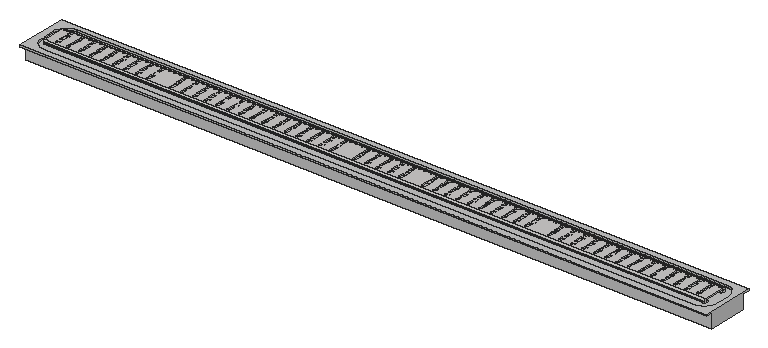
Revit family "Drain-Linear_Wave_Noble_FreeStyle", category Plumbing Fixtures, host Face, Revit 2014
Parameters (values of type "60in PVC")
  Weight = "10 lbs"
  URL = "www.noblecompany.com"
  Type Comments = ""
  Product Properties = "http://www.noblecompany.com/Portals/0/PRODUCT%20INFO/Product%20Descriptions/FreeStyle%20Linear%20Drain%20Product%20Decription%200410.pdf"
  Product Data = "http://www.noblecompany.com/Products/ShowerProducts/tabid/59/Default.aspx"
  Plate = Stainless Steel - Brushed
  Model = "Freestyle 60 PVC - Wave"
  Manufacturer Phone - Toll Free = "800-878-5788"
  Manufacturer Phone = "231-799-8000"
  Manufacturer Fax = "231-799-8850"
  Manufacturer Email = "mailto:sales@noblecompany.com"
  Manufacturer Address = "7300 Enterprise Drive, Spring Lake, MI  49456 USA"
  Manufacturer = "Noble Company"
  Installation-Fabrication = "http://www.noblecompany.com/Portals/0/PRODUCT%20INFO/Product%20Descriptions/FreeStyle%20Linear%20Drain%20Product%20Decription%200410.pdf"
  GPM = 0 GPM
  Description = "Freestyle 60 PVC - Wave Linear Drain"
  Building Codes = "http://www.noblecompany.com/Portals/0/TECHNICAL%20INFO/Listing_Testing_Certification_Reports/PMG-1065%20Noble%20Company%20Linear%20Drain%20final%202.pdf"
  Base = PVC
  B = 57 3/4"
  Assembly Code = "D2030300"
  A = 60"
  Default Elevation = 0"
  D = 1 5/8"
  C = 33 3/4"
Types (14): name | Model | Description | Base | B | A | D | C
  24in ABS | "Freestyle 24 ABS - Wave" | "Freestyle 24 ABS - Wave Linear Drain" | ABS | 21 3/4" | 24" | 1 1/4" | 15 3/4"
  32in ABS | "Freestyle 32 ABS - Wave" | "Freestyle 32 ABS - Wave Linear Drain" | ABS | 29 3/4" | 32" | 1 3/8" | 19 1/2"
  36in ABS | "Freestyle 36 ABS - Wave" | "Freestyle 36 ABS - Wave Linear Drain" | ABS | 33 3/4" | 36" | 1 3/8" | 21 3/4"
  40in ABS | "Freestyle 40 ABS - Wave" | "Freestyle 40 ABS - Wave Linear Drain" | ABS | 37 3/4" | 40" | 1 7/16" | 23 3/4"
  48in ABS | "Freestyle 48 ABS - Wave" | "Freestyle 48 ABS - Wave Linear Drain" | ABS | 45 3/4" | 48" | 1 1/2" | 27 3/4"
  54in ABS | "Freestyle 54 ABS - Wave" | "Freestyle 54 ABS - Wave Linear Drain" | ABS | 51 3/4" | 54" | 1 9/16" | 30 3/4"
  60in ABS | "Freestyle 60 ABS - Wave" | "Freestyle 60 ABS - Wave Linear Drain" | ABS | 57 3/4" | 60" | 1 5/8" | 33 3/4"
  24in PVC | "Freestyle 24 PVC - Wave" | "Freestyle 24 PVC - Wave Linear Drain" | PVC | 21 3/4" | 24" | 1 1/4" | 15 3/4"
  32in PVC | "Freestyle 32 PVC - Wave" | "Freestyle 32 PVC - Wave Linear Drain" | PVC | 29 3/4" | 32" | 1 3/8" | 19 1/2"
  36in PVC | "Freestyle 36 PVC - Wave" | "Freestyle 36 PVC - Wave Linear Drain" | PVC | 33 3/4" | 36" | 1 3/8" | 21 3/4"
  40in PVC | "Freestyle 40 PVC - Wave" | "Freestyle 40 PVC - Wave Linear Drain" | PVC | 37 3/4" | 40" | 1 7/16" | 23 3/4"
  48in PVC | "Freestyle 48 PVC - Wave" | "Freestyle 48 PVC - Wave Linear Drain" | PVC | 45 3/4" | 48" | 1 1/2" | 27 3/4"
  54in PVC | "Freestyle 54 PVC - Wave" | "Freestyle 54 PVC - Wave Linear Drain" | PVC | 51 3/4" | 54" | 1 9/16" | 30 3/4"
  60in PVC | "Freestyle 60 PVC - Wave" | "Freestyle 60 PVC - Wave Linear Drain" | PVC | 57 3/4" | 60" | 1 5/8" | 33 3/4"
Reference planes (in)
  plane 1 "Center (Front/Back)": y = 0
  plane 2: z = 0
  plane 3 "Center (Left/Right)": x = 0
  plane 4: z = -1.625
  plane 5: z = -4.05899
  plane 6: z = -1.625
  plane 7: y = 1.6875
  plane 8: y = -1.6875
  plane 9: z = -0.375
  plane 10: y = 2.25
  plane 11: y = -2.25
  plane 12: z = -0.3125
  plane 13: x = 30
  plane 14: x = -30
  plane 15: x = 28.875
  plane 16: x = -3.75
  plane 17: x = -28.875
  plane 18: z = -0.125
Forms (in)
  Extrusion 1, void, detail levels medium+fine
    sketch origin (0, 0, 0) x (1, 0, 0) y (0, 1, 0)
      loop
        circle (-3.75, 0) r 1
    from -60 to 34.55449
  Extrusion 2, solid, material "PVC" <- "Base", detail levels medium+fine
    sketch origin (10.05986, 0, 0) x (0, 1, 0) y (0, 0, 1)
      loop
        line (2.25, -0.375) -> (2.25, -0.25) -> (-2.25, -0.25) -> (-2.25, -0.375) -> (-1.6875, -0.375) -> (-1.6875, -1.625) -> (1.6875, -1.625) -> (1.6875, -0.375) -> (2.25, -0.375)
    from -40.05986 to 19.94014
  Extrusion 3, void
    sketch origin (10.05986, 0, 0) x (1, 0, 0) y (0, 1, 0)
      loop
        arc (-38.37906, 1.769) -> (-39.18512, 1.43512) -> (-39.519, 0.62906) r 1.13994
        line (-39.519, 0.62906) -> (-39.519, -0.63005)
        arc (-39.519, -0.63005) -> (-39.18541, -1.43541) -> (-38.38005, -1.769) r 1.13895
        line (-38.38005, -1.769) -> (18.37931, -1.769)
        arc (18.37931, -1.769) -> (19.18519, -1.43519) -> (19.519, -0.62931) r 1.13969
        line (19.519, -0.62931) -> (19.519, 0.62118)
        arc (19.519, 0.62118) -> (19.18281, 1.43281) -> (18.37118, 1.769) r 1.14782
        line (18.37118, 1.769) -> (-38.37906, 1.769)
    from -0.375 to 0
  Extrusion 4, void
    sketch origin (0, 0, 0) x (1, 0, 0) y (0, 1, 0)
      loop
        line (29, 1.269) -> (-29, 1.269) -> (-29, -1.269) -> (29, -1.269) -> (29, 1.269)
    from -0.125 to 0
  Extrusion 5, void, detail levels fine
    sketch origin (0, 0, 0) x (0, 1, 0) y (0, 0, 1)
      loop
        line (2.25, -0.375) -> (2.25, -0.125) -> (-2.25, -0.125) -> (-2.25, -0.375) -> (-1.6875, -0.375) -> (-1.6875, -1.625) -> (1.6875, -1.625) -> (1.6875, -0.375) -> (2.25, -0.375)
    from -30 to 30
Cuts and joins
  Extrusion 1, Extrusion 3 cuts Extrusion 2
Lines and regions (in)
  model lines, detail levels coarse+medium
    curve 1: line (-3.75, 0, 0) -> (-3.75, 0, -1.625)
  model lines, style "PlumbingFixtures", detail levels coarse
    curve 2: line (-30, 2.25, 0) -> (-30, -2.25, 0)
    curve 3: line (-30, 2.25, 0) -> (30, 2.25, 0)
    curve 4: line (30, 2.25, 0) -> (30, -2.25, 0)
    curve 5: line (-30, -2.25, 0) -> (30, -2.25, 0)
    curve 6: line (30, 0, 0) -> (-30, 0, 0)
Dimensions and locks (in)
  "D": plane 2 to plane 4
  locked: plane 4 to plane 5 at 2.43399
  "D": plane 6 to level
  equal spacing: plane 7, plane 1 "Center (Front/Back)", plane 8, locked at 1.6875 each
  locked: plane 9 to level at 0.375
  plane 7 to plane 8 = 3 3/8"
  locked: plane 10 to plane 7 at 0.5625
  locked: plane 8 to plane 11 at 0.5625
  "A": plane 14 to plane 13
  locked: plane 15 to plane 13 at 1.125
  "C": plane 16 to plane 13
  locked: plane 14 to plane 17 at 1.125
  locked: Extrusion 3 sketch curve to plane 13 at 0.42114
  locked: plane 14 to Extrusion 3 sketch curve at 0.54086
  equal spacing: plane 14, plane 3 "Center (Left/Right)", plane 13
  locked: plane 9 to plane 12 at 0.0625
  locked: level to plane 18 at 0.125
  level to Extrusion 2 sketch curve = 1/4"
  locked: plane 15 to Extrusion 4 sketch curve at 0.125
  locked: Extrusion 4 sketch curve to plane 17 at 0.125
  radius of Extrusion 1 sketch curve = 1"
  aligned and locked: plane 2 to host face
  aligned and locked: level to host face
  aligned and locked: plane 1 "Center (Front/Back)" to Extrusion 1 sketch curve
  aligned and locked: plane 13 to Extrusion 2
  aligned and locked: plane 16 to Extrusion 1 sketch curve
  aligned and locked: plane 10 to Extrusion 5 sketch curve
  aligned and locked: plane 9 to Extrusion 5 sketch curve
  aligned and locked: plane 7 to Extrusion 5 sketch curve
  aligned and locked: plane 4 to Extrusion 5 sketch curve
  aligned and locked: plane 11 to Extrusion 5 sketch curve
  aligned and locked: Extrusion 5 sketch curve to plane 8
  aligned and locked: Extrusion 5 to plane 14
  aligned and locked: plane 13 to Extrusion 5
  aligned and locked: curve 6 to plane 1 "Center (Front/Back)"
  aligned and locked: plane 14 to curve 6
  aligned and locked: plane 13 to curve 6
  aligned and locked: curve 1 to plane 16
  aligned and locked: level to curve 1
  aligned and locked: plane 6 to curve 1
  aligned and locked: Extrusion 2 to plane 14
  aligned and locked: plane 3 "Center (Left/Right)" to nested 1
  aligned and locked: plane 1 "Center (Front/Back)" to nested 1
  aligned and locked: plane 12 to nested 1
  aligned and locked: plane 9 to Extrusion 3
  aligned and locked: Extrusion 4 to plane 18
  aligned and locked: level to Extrusion 4
Automatic sketch dimensions
  host sketch curve to host sketch curve = 48 1/4"
  host sketch curve to host sketch curve = 96"
  plane 9 to Extrusion 2 sketch curve = 0"  (x2)
  Extrusion 2 sketch curve to plane 11 = 0"
  Extrusion 2 sketch curve to plane 4 = 0"
  Extrusion 2 sketch curve to plane 8 = 0"
  Extrusion 2 sketch curve to plane 7 = 0"
  Extrusion 2 sketch curve to plane 10 = 0"
  Extrusion 3 sketch curve to plane 8 = 0.0815"
  plane 17 to Extrusion 3 sketch curve = 0.55481"
  Extrusion 3 sketch curve to plane 7 = 0.0815"
  plane 17 to Extrusion 3 sketch curve = 0.5558"
  Extrusion 3 sketch curve to plane 15 = 0.44396"
  Extrusion 3 sketch curve to plane 15 = 0.43583"
  curve 2 to plane 10 = 0"
  curve 5 to plane 11 = 0"
  plane 9 to Extrusion 5 sketch curve = 0"
  Extrusion 5 sketch curve to plane 18 = 0"
  plane 8 to Extrusion 4 sketch curve = 0.4185"
  plane 7 to Extrusion 4 sketch curve = 0.4185"
Nested families (in)
  nested 1: "Strainer_Wave" at (-12.24848, 0, -0.3125), type "24"", detail levels fine
    with Strainer Length 57 3/4"
Connectors (in)
  piping at (-3.75, 0, -1.625), diameter 2, driven by "GPM"
    settings: on cut or joined group of Extrusion 1, Extrusion 2, Extrusion 3, index 1, connector inside diameter 2", connector length 0", flow factor 0, pipe flow 0 GPM, pressure drop 0.00 psi, fitting loss kfactor 0, connector angle 0.00°, fixture units 0, engagement length 0", angle of deflection 0.00°, flow configuration 0, flow direction 2, fitting loss method 0, system type 16, joint type 0, gender type 0, connector reference index -1, connector utility 0, adjustable connector no, is connector primary yes, connector description ""
Definition of nested family "Strainer_Wave"
  Parameters (values of type "24"")
    Strainer Width = 2 1/4"
    Strainer Height = 5/16"
    Strainer Length = 45 3/4"
    Strainer Finish = Stainless Steel - Brushed
  Reference planes (in)
    plane 1 "Center (Front/Back)": y = 0
    plane 2: z = 0
    plane 3 "Center (Left/Right)": x = 12.24848
    plane 4 "Left": x = -10.62652
    plane 5 "Right": x = 35.12348
    plane 6: y = 1.125
    plane 7: y = -1.125
    plane 8: x = 42.24848
    plane 9: x = -17.75152
    plane 10: z = 0.3125
  Forms (in)
    Extrusion 1, void
      sketch origin (12.24848, 0, 0) x (0, 1, 0) y (0, 0, 1)
        loop
          line (1.1245, 0.3125) -> (0.9995, 0.3125)
          arc (0.9995, 0.3125) -> (1.08789, 0.27589) -> (1.1245, 0.1875) r 0.125
          line (1.1245, 0.1875) -> (1.1245, 0.3125)
        loop
          line (-1.1245, 0.3125) -> (-1.1245, 0.1875)
          arc (-1.1245, 0.1875) -> (-1.08789, 0.27589) -> (-0.9995, 0.3125) r 0.125
          line (-0.9995, 0.3125) -> (-1.1245, 0.3125)
        loop
          line (1.1245, 0) -> (1.1245, 0.125)
          arc (1.1245, 0.125) -> (1.08789, 0.03661) -> (0.9995, 0) r 0.125
          line (0.9995, 0) -> (1.1245, 0)
        loop
          line (-1.1245, 0) -> (-0.9995, 0)
          arc (-0.9995, 0) -> (-1.08789, 0.03661) -> (-1.1245, 0.125) r 0.125
          line (-1.1245, 0.125) -> (-1.1245, 0)
        loop
          line (-0.75, 0) -> (0.75, 0) -> (0.75, 0.0625) -> (0.9995, 0.0625)
          arc (0.9995, 0.0625) -> (1.06302, 0.15625) -> (0.9995, 0.25) r 0.10095
          line (0.9995, 0.25) -> (-0.9995, 0.25)
          arc (-0.9995, 0.25) -> (-1.06302, 0.15625) -> (-0.9995, 0.0625) r 0.10095
          line (-0.9995, 0.0625) -> (-0.75, 0.0625) -> (-0.75, 0)
      from -30 to 30
    Extrusion 2, void
      sketch origin (0, 0, 0) x (1, 0, 0) y (0, 1, 0)
        loop
          line (-17.75152, 1.25) -> (-17.75152, -1.25) -> (-10.62652, -1.25) -> (-10.62652, 1.25) -> (-17.75152, 1.25)
        loop
          line (35.12348, 1.25) -> (35.12348, -1.25) -> (42.24848, -1.25) -> (42.24848, 1.25) -> (35.12348, 1.25)
      from 0 to 0.3125
    Extrusion 3, solid, material "Stainless Steel - Brushed" <- "Strainer Finish", detail levels medium+fine
      sketch origin (0, 0, 0) x (1, 0, 0) y (0, 1, 0)
        loop
          line (-16.62652, 1.1245) -> (-16.62652, -1.1245) -> (41.12348, -1.1245) -> (41.12348, 1.1245) -> (-16.62652, 1.1245)
        loop
          line (-13.61152, -0.13547) -> (-13.61152, 0.2565) -> (-13.89152, 0.30808) -> (-13.89152, -0.18704) -> (-13.61152, -0.13547)
        loop
          line (-14.61152, -0.28503) -> (-14.61152, 0.40552) -> (-14.89152, 0.4255) -> (-14.89152, -0.30501) -> (-14.61152, -0.28503)
        loop
          line (-15.61152, -0.30506) -> (-15.61152, 0.42609) -> (-15.89152, 0.40611) -> (-15.89152, -0.28508) -> (-15.61152, -0.30506)
        loop
          line (-11.61152, 0.13847) -> (-11.89704, 0.06052) -> (-11.61152, -0.01744) -> (-11.61152, 0.13847)
        loop
          line (-12.89152, 0.13847) -> (-12.89152, -0.01744) -> (-12.606, 0.06052) -> (-12.89152, 0.13847)
        loop
          line (-15.89152, 0.65709) -> (-15.61152, 0.67707) -> (-15.61152, 0.81052)
          arc (-15.61152, 0.81052) -> (-15.75152, 0.95052) -> (-15.89152, 0.81052) r 0.14
          line (-15.89152, 0.81052) -> (-15.89152, 0.65709)
        loop
          line (-14.89152, 0.67639) -> (-14.61152, 0.65641) -> (-14.61152, 0.81052)
          arc (-14.61152, 0.81052) -> (-14.75152, 0.95052) -> (-14.89152, 0.81052) r 0.14
          line (-14.89152, 0.81052) -> (-14.89152, 0.67639)
        loop
          line (-13.89152, 0.5617) -> (-13.61152, 0.51012) -> (-13.61152, 0.81052)
          arc (-13.61152, 0.81052) -> (-13.75152, 0.95052) -> (-13.89152, 0.81052) r 0.14
          line (-13.89152, 0.81052) -> (-13.89152, 0.5617)
        loop
          arc (-12.61152, 0.81052) -> (-12.75152, 0.95052) -> (-12.89152, 0.81052) r 0.14
          line (-12.89152, 0.81052) -> (-12.89152, 0.36578) -> (-12.61152, 0.28933) -> (-12.61152, 0.81052)
        loop
          line (-15.89152, -0.53606) -> (-15.89152, -0.68948)
          arc (-15.89152, -0.68948) -> (-15.75152, -0.82948) -> (-15.61152, -0.68948) r 0.14
          line (-15.61152, -0.68948) -> (-15.61152, -0.55604) -> (-15.89152, -0.53606)
        loop
          line (-14.89152, -0.55535) -> (-14.89152, -0.68948)
          arc (-14.89152, -0.68948) -> (-14.75152, -0.82948) -> (-14.61152, -0.68948) r 0.14
          line (-14.61152, -0.68948) -> (-14.61152, -0.53538) -> (-14.89152, -0.55535)
        loop
          line (-13.89152, -0.44067) -> (-13.89152, -0.68948)
          arc (-13.89152, -0.68948) -> (-13.75152, -0.82948) -> (-13.61152, -0.68948) r 0.14
          line (-13.61152, -0.68948) -> (-13.61152, -0.38909) -> (-13.89152, -0.44067)
        loop
          line (-12.61152, -0.68948) -> (-12.61152, -0.1683) -> (-12.89152, -0.24475) -> (-12.89152, -0.68948)
          arc (-12.89152, -0.68948) -> (-12.75152, -0.82948) -> (-12.61152, -0.68948) r 0.14
        loop
          arc (-11.61152, 0.81052) -> (-11.75152, 0.95052) -> (-11.89152, 0.81052) r 0.14
          line (-11.89152, 0.81052) -> (-11.89152, 0.26879) -> (-11.61152, 0.34524) -> (-11.61152, 0.81052)
        loop
          line (-11.61152, -0.68948) -> (-11.61152, -0.22825) -> (-11.89152, -0.1518) -> (-11.89152, -0.68948)
          arc (-11.89152, -0.68948) -> (-11.75152, -0.82948) -> (-11.61152, -0.68948) r 0.14
        loop
          line (-8.61152, -0.17208) -> (-8.61152, 0.29086) -> (-8.89152, 0.34244) -> (-8.89152, -0.22366) -> (-8.61152, -0.17208)
        loop
          line (-7.89152, 0.13847) -> (-7.89152, -0.01744) -> (-7.606, 0.06052) -> (-7.89152, 0.13847)
        loop
          line (-8.89152, 0.59665) -> (-8.61152, 0.54507) -> (-8.61152, 0.81052)
          arc (-8.61152, 0.81052) -> (-8.75152, 0.95052) -> (-8.89152, 0.81052) r 0.14
          line (-8.89152, 0.81052) -> (-8.89152, 0.59665)
        loop
          arc (-7.61152, 0.81052) -> (-7.75152, 0.95052) -> (-7.89152, 0.81052) r 0.14
          line (-7.89152, 0.81052) -> (-7.89152, 0.39762) -> (-7.61152, 0.32117) -> (-7.61152, 0.81052)
        loop
          line (-8.89152, -0.47786) -> (-8.89152, -0.68948)
          arc (-8.89152, -0.68948) -> (-8.75152, -0.82948) -> (-8.61152, -0.68948) r 0.14
          line (-8.61152, -0.68948) -> (-8.61152, -0.42628) -> (-8.89152, -0.47786)
        loop
          line (-7.61152, -0.68948) -> (-7.61152, -0.20014) -> (-7.89152, -0.27659) -> (-7.89152, -0.68948)
          arc (-7.89152, -0.68948) -> (-7.75152, -0.82948) -> (-7.61152, -0.68948) r 0.14
        loop
          line (-10.89664, -0.13547) -> (-10.61664, -0.18704) -> (-10.61664, 0.30808) -> (-10.89664, 0.2565) -> (-10.89664, -0.13547)
        loop
          line (-10.61664, 0.5617) -> (-10.61664, 0.81052)
          arc (-10.61664, 0.81052) -> (-10.75664, 0.95052) -> (-10.89664, 0.81052) r 0.14
          line (-10.89664, 0.81052) -> (-10.89664, 0.51012) -> (-10.61664, 0.5617)
        loop
          line (-10.61664, -0.44067) -> (-10.89664, -0.38909) -> (-10.89664, -0.68948)
          arc (-10.89664, -0.68948) -> (-10.75664, -0.82948) -> (-10.61664, -0.68948) r 0.14
          line (-10.61664, -0.68948) -> (-10.61664, -0.44067)
        loop
          line (-9.61152, -0.30501) -> (-9.61152, 0.4255) -> (-9.89152, 0.4255) -> (-9.89152, -0.30501) -> (-9.61152, -0.30501)
        loop
          line (-9.89152, 0.67639) -> (-9.61152, 0.65641) -> (-9.61152, 0.81052)
          arc (-9.61152, 0.81052) -> (-9.75152, 0.95052) -> (-9.89152, 0.81052) r 0.14
          line (-9.89152, 0.81052) -> (-9.89152, 0.67639)
        loop
          line (-9.89152, -0.55535) -> (-9.89152, -0.68948)
          arc (-9.89152, -0.68948) -> (-9.75152, -0.82948) -> (-9.61152, -0.68948) r 0.14
          line (-9.61152, -0.68948) -> (-9.61152, -0.55535) -> (-9.89152, -0.55535)
        loop
          line (-5.61152, 0.13847) -> (-5.89704, 0.06052) -> (-5.61152, -0.01744) -> (-5.61152, 0.13847)
        loop
          arc (-5.61152, 0.81052) -> (-5.75152, 0.95052) -> (-5.89152, 0.81052) r 0.14
          line (-5.89152, 0.81052) -> (-5.89152, 0.26879) -> (-5.61152, 0.34524) -> (-5.61152, 0.81052)
        loop
          line (-5.61152, -0.68948) -> (-5.61152, -0.22825) -> (-5.89152, -0.1518) -> (-5.89152, -0.68948)
          arc (-5.89152, -0.68948) -> (-5.75152, -0.82948) -> (-5.61152, -0.68948) r 0.14
        loop
          line (-2.61152, -0.17208) -> (-2.61152, 0.29086) -> (-2.89152, 0.34244) -> (-2.89152, -0.22366) -> (-2.61152, -0.17208)
        loop
          line (-1.89152, 0.13847) -> (-1.89152, -0.01744) -> (-1.606, 0.06052) -> (-1.89152, 0.13847)
        loop
          line (-2.89152, 0.59665) -> (-2.61152, 0.54507) -> (-2.61152, 0.81052)
          arc (-2.61152, 0.81052) -> (-2.75152, 0.95052) -> (-2.89152, 0.81052) r 0.14
          line (-2.89152, 0.81052) -> (-2.89152, 0.59665)
        loop
          arc (-1.61152, 0.81052) -> (-1.75152, 0.95052) -> (-1.89152, 0.81052) r 0.14
          line (-1.89152, 0.81052) -> (-1.89152, 0.39762) -> (-1.61152, 0.32117) -> (-1.61152, 0.81052)
        loop
          line (-2.89152, -0.47786) -> (-2.89152, -0.68948)
          arc (-2.89152, -0.68948) -> (-2.75152, -0.82948) -> (-2.61152, -0.68948) r 0.14
          line (-2.61152, -0.68948) -> (-2.61152, -0.42628) -> (-2.89152, -0.47786)
        loop
          line (-1.61152, -0.68948) -> (-1.61152, -0.20014) -> (-1.89152, -0.27659) -> (-1.89152, -0.68948)
          arc (-1.89152, -0.68948) -> (-1.75152, -0.82948) -> (-1.61152, -0.68948) r 0.14
        loop
          line (-4.89664, -0.13547) -> (-4.61664, -0.18704) -> (-4.61664, 0.30808) -> (-4.89664, 0.2565) -> (-4.89664, -0.13547)
        loop
          line (-4.61664, 0.5617) -> (-4.61664, 0.81052)
          arc (-4.61664, 0.81052) -> (-4.75664, 0.95052) -> (-4.89664, 0.81052) r 0.14
          line (-4.89664, 0.81052) -> (-4.89664, 0.51012) -> (-4.61664, 0.5617)
        loop
          line (-4.61664, -0.44067) -> (-4.89664, -0.38909) -> (-4.89664, -0.68948)
          arc (-4.89664, -0.68948) -> (-4.75664, -0.82948) -> (-4.61664, -0.68948) r 0.14
          line (-4.61664, -0.68948) -> (-4.61664, -0.44067)
        loop
          line (-3.61152, -0.30501) -> (-3.61152, 0.4255) -> (-3.89152, 0.4255) -> (-3.89152, -0.30501) -> (-3.61152, -0.30501)
        loop
          line (-3.89152, 0.67639) -> (-3.61152, 0.65641) -> (-3.61152, 0.81052)
          arc (-3.61152, 0.81052) -> (-3.75152, 0.95052) -> (-3.89152, 0.81052) r 0.14
          line (-3.89152, 0.81052) -> (-3.89152, 0.67639)
        loop
          line (-3.89152, -0.55535) -> (-3.89152, -0.68948)
          arc (-3.89152, -0.68948) -> (-3.75152, -0.82948) -> (-3.61152, -0.68948) r 0.14
          line (-3.61152, -0.68948) -> (-3.61152, -0.55535) -> (-3.89152, -0.55535)
        loop
          line (-0.61152, 0.13847) -> (-0.89704, 0.06052) -> (-0.61152, -0.01744) -> (-0.61152, 0.13847)
        loop
          arc (-0.61152, 0.81052) -> (-0.75152, 0.95052) -> (-0.89152, 0.81052) r 0.14
          line (-0.89152, 0.81052) -> (-0.89152, 0.26879) -> (-0.61152, 0.34524) -> (-0.61152, 0.81052)
        loop
          line (-0.61152, -0.68948) -> (-0.61152, -0.22825) -> (-0.89152, -0.1518) -> (-0.89152, -0.68948)
          arc (-0.89152, -0.68948) -> (-0.75152, -0.82948) -> (-0.61152, -0.68948) r 0.14
        loop
          line (2.38848, -0.17208) -> (2.38848, 0.29086) -> (2.10848, 0.34244) -> (2.10848, -0.22366) -> (2.38848, -0.17208)
        loop
          line (3.10848, 0.13847) -> (3.10848, -0.01744) -> (3.394, 0.06052) -> (3.10848, 0.13847)
        loop
          line (2.10848, 0.59665) -> (2.38848, 0.54507) -> (2.38848, 0.81052)
          arc (2.38848, 0.81052) -> (2.24848, 0.95052) -> (2.10848, 0.81052) r 0.14
          line (2.10848, 0.81052) -> (2.10848, 0.59665)
        loop
          arc (3.38848, 0.81052) -> (3.24848, 0.95052) -> (3.10848, 0.81052) r 0.14
          line (3.10848, 0.81052) -> (3.10848, 0.39762) -> (3.38848, 0.32117) -> (3.38848, 0.81052)
        loop
          line (2.10848, -0.47786) -> (2.10848, -0.68948)
          arc (2.10848, -0.68948) -> (2.24848, -0.82948) -> (2.38848, -0.68948) r 0.14
          line (2.38848, -0.68948) -> (2.38848, -0.42628) -> (2.10848, -0.47786)
        loop
          line (3.38848, -0.68948) -> (3.38848, -0.20014) -> (3.10848, -0.27659) -> (3.10848, -0.68948)
          arc (3.10848, -0.68948) -> (3.24848, -0.82948) -> (3.38848, -0.68948) r 0.14
        loop
          line (0.10336, -0.13547) -> (0.38336, -0.18704) -> (0.38336, 0.30808) -> (0.10336, 0.2565) -> (0.10336, -0.13547)
        loop
          line (0.38336, 0.5617) -> (0.38336, 0.81052)
          arc (0.38336, 0.81052) -> (0.24336, 0.95052) -> (0.10336, 0.81052) r 0.14
          line (0.10336, 0.81052) -> (0.10336, 0.51012) -> (0.38336, 0.5617)
        loop
          line (0.38336, -0.44067) -> (0.10336, -0.38909) -> (0.10336, -0.68948)
          arc (0.10336, -0.68948) -> (0.24336, -0.82948) -> (0.38336, -0.68948) r 0.14
          line (0.38336, -0.68948) -> (0.38336, -0.44067)
        loop
          line (1.38848, -0.30501) -> (1.38848, 0.4255) -> (1.10848, 0.4255) -> (1.10848, -0.30501) -> (1.38848, -0.30501)
        loop
          line (1.10848, 0.67639) -> (1.38848, 0.65641) -> (1.38848, 0.81052)
          arc (1.38848, 0.81052) -> (1.24848, 0.95052) -> (1.10848, 0.81052) r 0.14
          line (1.10848, 0.81052) -> (1.10848, 0.67639)
        loop
          line (1.10848, -0.55535) -> (1.10848, -0.68948)
          arc (1.10848, -0.68948) -> (1.24848, -0.82948) -> (1.38848, -0.68948) r 0.14
          line (1.38848, -0.68948) -> (1.38848, -0.55535) -> (1.10848, -0.55535)
        loop
          line (4.38848, 0.13847) -> (4.10296, 0.06052) -> (4.38848, -0.01744) -> (4.38848, 0.13847)
        loop
          arc (4.38848, 0.81052) -> (4.24848, 0.95052) -> (4.10848, 0.81052) r 0.14
          line (4.10848, 0.81052) -> (4.10848, 0.26879) -> (4.38848, 0.34524) -> (4.38848, 0.81052)
        loop
          line (4.38848, -0.68948) -> (4.38848, -0.22825) -> (4.10848, -0.1518) -> (4.10848, -0.68948)
          arc (4.10848, -0.68948) -> (4.24848, -0.82948) -> (4.38848, -0.68948) r 0.14
        loop
          line (7.38848, -0.17208) -> (7.38848, 0.29086) -> (7.10848, 0.34244) -> (7.10848, -0.22366) -> (7.38848, -0.17208)
        loop
          line (8.10848, 0.13847) -> (8.10848, -0.01744) -> (8.394, 0.06052) -> (8.10848, 0.13847)
        loop
          line (7.10848, 0.59665) -> (7.38848, 0.54507) -> (7.38848, 0.81052)
          arc (7.38848, 0.81052) -> (7.24848, 0.95052) -> (7.10848, 0.81052) r 0.14
          line (7.10848, 0.81052) -> (7.10848, 0.59665)
        loop
          arc (8.38848, 0.81052) -> (8.24848, 0.95052) -> (8.10848, 0.81052) r 0.14
          line (8.10848, 0.81052) -> (8.10848, 0.39762) -> (8.38848, 0.32117) -> (8.38848, 0.81052)
        loop
          line (7.10848, -0.47786) -> (7.10848, -0.68948)
          arc (7.10848, -0.68948) -> (7.24848, -0.82948) -> (7.38848, -0.68948) r 0.14
          line (7.38848, -0.68948) -> (7.38848, -0.42628) -> (7.10848, -0.47786)
        loop
          line (8.38848, -0.68948) -> (8.38848, -0.20014) -> (8.10848, -0.27659) -> (8.10848, -0.68948)
          arc (8.10848, -0.68948) -> (8.24848, -0.82948) -> (8.38848, -0.68948) r 0.14
        loop
          line (5.10336, -0.13547) -> (5.38336, -0.18704) -> (5.38336, 0.30808) -> (5.10336, 0.2565) -> (5.10336, -0.13547)
        loop
          line (5.38336, 0.5617) -> (5.38336, 0.81052)
          arc (5.38336, 0.81052) -> (5.24336, 0.95052) -> (5.10336, 0.81052) r 0.14
          line (5.10336, 0.81052) -> (5.10336, 0.51012) -> (5.38336, 0.5617)
        loop
          line (5.38336, -0.44067) -> (5.10336, -0.38909) -> (5.10336, -0.68948)
          arc (5.10336, -0.68948) -> (5.24336, -0.82948) -> (5.38336, -0.68948) r 0.14
          line (5.38336, -0.68948) -> (5.38336, -0.44067)
        loop
          line (6.38848, -0.30501) -> (6.38848, 0.4255) -> (6.10848, 0.4255) -> (6.10848, -0.30501) -> (6.38848, -0.30501)
        loop
          line (6.10848, 0.67639) -> (6.38848, 0.65641) -> (6.38848, 0.81052)
          arc (6.38848, 0.81052) -> (6.24848, 0.95052) -> (6.10848, 0.81052) r 0.14
          line (6.10848, 0.81052) -> (6.10848, 0.67639)
        loop
          line (6.10848, -0.55535) -> (6.10848, -0.68948)
          arc (6.10848, -0.68948) -> (6.24848, -0.82948) -> (6.38848, -0.68948) r 0.14
          line (6.38848, -0.68948) -> (6.38848, -0.55535) -> (6.10848, -0.55535)
        loop
          line (10.38848, 0.13847) -> (10.10296, 0.06052) -> (10.38848, -0.01744) -> (10.38848, 0.13847)
        loop
          arc (10.38848, 0.81052) -> (10.24848, 0.95052) -> (10.10848, 0.81052) r 0.14
          line (10.10848, 0.81052) -> (10.10848, 0.26879) -> (10.38848, 0.34524) -> (10.38848, 0.81052)
        loop
          line (10.38848, -0.68948) -> (10.38848, -0.22825) -> (10.10848, -0.1518) -> (10.10848, -0.68948)
          arc (10.10848, -0.68948) -> (10.24848, -0.82948) -> (10.38848, -0.68948) r 0.14
        loop
          line (13.38848, -0.17208) -> (13.38848, 0.29086) -> (13.10848, 0.34244) -> (13.10848, -0.22366) -> (13.38848, -0.17208)
        loop
          line (14.10848, 0.13847) -> (14.10848, -0.01744) -> (14.394, 0.06052) -> (14.10848, 0.13847)
        loop
          line (13.10848, 0.59665) -> (13.38848, 0.54507) -> (13.38848, 0.81052)
          arc (13.38848, 0.81052) -> (13.24848, 0.95052) -> (13.10848, 0.81052) r 0.14
          line (13.10848, 0.81052) -> (13.10848, 0.59665)
        loop
          arc (14.38848, 0.81052) -> (14.24848, 0.95052) -> (14.10848, 0.81052) r 0.14
          line (14.10848, 0.81052) -> (14.10848, 0.39762) -> (14.38848, 0.32117) -> (14.38848, 0.81052)
        loop
          line (13.10848, -0.47786) -> (13.10848, -0.68948)
          arc (13.10848, -0.68948) -> (13.24848, -0.82948) -> (13.38848, -0.68948) r 0.14
          line (13.38848, -0.68948) -> (13.38848, -0.42628) -> (13.10848, -0.47786)
        loop
          line (14.38848, -0.68948) -> (14.38848, -0.20014) -> (14.10848, -0.27659) -> (14.10848, -0.68948)
          arc (14.10848, -0.68948) -> (14.24848, -0.82948) -> (14.38848, -0.68948) r 0.14
        loop
          line (11.10336, -0.13547) -> (11.38336, -0.18704) -> (11.38336, 0.30808) -> (11.10336, 0.2565) -> (11.10336, -0.13547)
        loop
          line (11.38336, 0.5617) -> (11.38336, 0.81052)
          arc (11.38336, 0.81052) -> (11.24336, 0.95052) -> (11.10336, 0.81052) r 0.14
          line (11.10336, 0.81052) -> (11.10336, 0.51012) -> (11.38336, 0.5617)
        loop
          line (11.38336, -0.44067) -> (11.10336, -0.38909) -> (11.10336, -0.68948)
          arc (11.10336, -0.68948) -> (11.24336, -0.82948) -> (11.38336, -0.68948) r 0.14
          line (11.38336, -0.68948) -> (11.38336, -0.44067)
        loop
          line (12.38848, -0.30501) -> (12.38848, 0.4255) -> (12.10848, 0.4255) -> (12.10848, -0.30501) -> (12.38848, -0.30501)
        loop
          line (12.10848, 0.67639) -> (12.38848, 0.65641) -> (12.38848, 0.81052)
          arc (12.38848, 0.81052) -> (12.24848, 0.95052) -> (12.10848, 0.81052) r 0.14
          line (12.10848, 0.81052) -> (12.10848, 0.67639)
        loop
          line (12.10848, -0.55535) -> (12.10848, -0.68948)
          arc (12.10848, -0.68948) -> (12.24848, -0.82948) -> (12.38848, -0.68948) r 0.14
          line (12.38848, -0.68948) -> (12.38848, -0.55535) -> (12.10848, -0.55535)
        loop
          line (16.38848, 0.13847) -> (16.10296, 0.06052) -> (16.38848, -0.01744) -> (16.38848, 0.13847)
        loop
          arc (16.38848, 0.81052) -> (16.24848, 0.95052) -> (16.10848, 0.81052) r 0.14
          line (16.10848, 0.81052) -> (16.10848, 0.26879) -> (16.38848, 0.34524) -> (16.38848, 0.81052)
        loop
          line (16.38848, -0.68948) -> (16.38848, -0.22825) -> (16.10848, -0.1518) -> (16.10848, -0.68948)
          arc (16.10848, -0.68948) -> (16.24848, -0.82948) -> (16.38848, -0.68948) r 0.14
        loop
          line (19.38848, -0.17208) -> (19.38848, 0.29086) -> (19.10848, 0.34244) -> (19.10848, -0.22366) -> (19.38848, -0.17208)
        loop
          line (20.10848, 0.13847) -> (20.10848, -0.01744) -> (20.394, 0.06052) -> (20.10848, 0.13847)
        loop
          line (19.10848, 0.59665) -> (19.38848, 0.54507) -> (19.38848, 0.81052)
          arc (19.38848, 0.81052) -> (19.24848, 0.95052) -> (19.10848, 0.81052) r 0.14
          line (19.10848, 0.81052) -> (19.10848, 0.59665)
        loop
          arc (20.38848, 0.81052) -> (20.24848, 0.95052) -> (20.10848, 0.81052) r 0.14
          line (20.10848, 0.81052) -> (20.10848, 0.39762) -> (20.38848, 0.32117) -> (20.38848, 0.81052)
        loop
          line (19.10848, -0.47786) -> (19.10848, -0.68948)
          arc (19.10848, -0.68948) -> (19.24848, -0.82948) -> (19.38848, -0.68948) r 0.14
          line (19.38848, -0.68948) -> (19.38848, -0.42628) -> (19.10848, -0.47786)
        loop
          line (20.38848, -0.68948) -> (20.38848, -0.20014) -> (20.10848, -0.27659) -> (20.10848, -0.68948)
          arc (20.10848, -0.68948) -> (20.24848, -0.82948) -> (20.38848, -0.68948) r 0.14
        loop
          line (17.10336, -0.13547) -> (17.38336, -0.18704) -> (17.38336, 0.30808) -> (17.10336, 0.2565) -> (17.10336, -0.13547)
        loop
          line (17.38336, 0.5617) -> (17.38336, 0.81052)
          arc (17.38336, 0.81052) -> (17.24336, 0.95052) -> (17.10336, 0.81052) r 0.14
          line (17.10336, 0.81052) -> (17.10336, 0.51012) -> (17.38336, 0.5617)
        loop
          line (17.38336, -0.44067) -> (17.10336, -0.38909) -> (17.10336, -0.68948)
          arc (17.10336, -0.68948) -> (17.24336, -0.82948) -> (17.38336, -0.68948) r 0.14
          line (17.38336, -0.68948) -> (17.38336, -0.44067)
        loop
          line (18.38848, -0.30501) -> (18.38848, 0.4255) -> (18.10848, 0.4255) -> (18.10848, -0.30501) -> (18.38848, -0.30501)
        loop
          line (18.10848, 0.67639) -> (18.38848, 0.65641) -> (18.38848, 0.81052)
          arc (18.38848, 0.81052) -> (18.24848, 0.95052) -> (18.10848, 0.81052) r 0.14
          line (18.10848, 0.81052) -> (18.10848, 0.67639)
        loop
          line (18.10848, -0.55535) -> (18.10848, -0.68948)
          arc (18.10848, -0.68948) -> (18.24848, -0.82948) -> (18.38848, -0.68948) r 0.14
          line (18.38848, -0.68948) -> (18.38848, -0.55535) -> (18.10848, -0.55535)
        loop
          line (21.38848, 0.13847) -> (21.10296, 0.06052) -> (21.38848, -0.01744) -> (21.38848, 0.13847)
        loop
          arc (21.38848, 0.81052) -> (21.24848, 0.95052) -> (21.10848, 0.81052) r 0.14
          line (21.10848, 0.81052) -> (21.10848, 0.26879) -> (21.38848, 0.34524) -> (21.38848, 0.81052)
        loop
          line (21.38848, -0.68948) -> (21.38848, -0.22825) -> (21.10848, -0.1518) -> (21.10848, -0.68948)
          arc (21.10848, -0.68948) -> (21.24848, -0.82948) -> (21.38848, -0.68948) r 0.14
        loop
          line (24.38848, -0.17208) -> (24.38848, 0.29086) -> (24.10848, 0.34244) -> (24.10848, -0.22366) -> (24.38848, -0.17208)
        loop
          line (25.10848, 0.13847) -> (25.10848, -0.01744) -> (25.394, 0.06052) -> (25.10848, 0.13847)
        loop
          line (24.10848, 0.59665) -> (24.38848, 0.54507) -> (24.38848, 0.81052)
          arc (24.38848, 0.81052) -> (24.24848, 0.95052) -> (24.10848, 0.81052) r 0.14
          line (24.10848, 0.81052) -> (24.10848, 0.59665)
        loop
          arc (25.38848, 0.81052) -> (25.24848, 0.95052) -> (25.10848, 0.81052) r 0.14
          line (25.10848, 0.81052) -> (25.10848, 0.39762) -> (25.38848, 0.32117) -> (25.38848, 0.81052)
        loop
          line (24.10848, -0.47786) -> (24.10848, -0.68948)
          arc (24.10848, -0.68948) -> (24.24848, -0.82948) -> (24.38848, -0.68948) r 0.14
          line (24.38848, -0.68948) -> (24.38848, -0.42628) -> (24.10848, -0.47786)
        loop
          line (25.38848, -0.68948) -> (25.38848, -0.20014) -> (25.10848, -0.27659) -> (25.10848, -0.68948)
          arc (25.10848, -0.68948) -> (25.24848, -0.82948) -> (25.38848, -0.68948) r 0.14
        loop
          line (22.10336, -0.13547) -> (22.38336, -0.18704) -> (22.38336, 0.30808) -> (22.10336, 0.2565) -> (22.10336, -0.13547)
        loop
          line (22.38336, 0.5617) -> (22.38336, 0.81052)
          arc (22.38336, 0.81052) -> (22.24336, 0.95052) -> (22.10336, 0.81052) r 0.14
          line (22.10336, 0.81052) -> (22.10336, 0.51012) -> (22.38336, 0.5617)
        loop
          line (22.38336, -0.44067) -> (22.10336, -0.38909) -> (22.10336, -0.68948)
          arc (22.10336, -0.68948) -> (22.24336, -0.82948) -> (22.38336, -0.68948) r 0.14
          line (22.38336, -0.68948) -> (22.38336, -0.44067)
        loop
          line (23.38848, -0.30501) -> (23.38848, 0.4255) -> (23.10848, 0.4255) -> (23.10848, -0.30501) -> (23.38848, -0.30501)
        loop
          line (23.10848, 0.67639) -> (23.38848, 0.65641) -> (23.38848, 0.81052)
          arc (23.38848, 0.81052) -> (23.24848, 0.95052) -> (23.10848, 0.81052) r 0.14
          line (23.10848, 0.81052) -> (23.10848, 0.67639)
        loop
          line (23.10848, -0.55535) -> (23.10848, -0.68948)
          arc (23.10848, -0.68948) -> (23.24848, -0.82948) -> (23.38848, -0.68948) r 0.14
          line (23.38848, -0.68948) -> (23.38848, -0.55535) -> (23.10848, -0.55535)
        loop
          line (27.38848, 0.13847) -> (27.10296, 0.06052) -> (27.38848, -0.01744) -> (27.38848, 0.13847)
        loop
          arc (27.38848, 0.81052) -> (27.24848, 0.95052) -> (27.10848, 0.81052) r 0.14
          line (27.10848, 0.81052) -> (27.10848, 0.26879) -> (27.38848, 0.34524) -> (27.38848, 0.81052)
        loop
          line (27.38848, -0.68948) -> (27.38848, -0.22825) -> (27.10848, -0.1518) -> (27.10848, -0.68948)
          arc (27.10848, -0.68948) -> (27.24848, -0.82948) -> (27.38848, -0.68948) r 0.14
        loop
          line (30.38848, -0.17208) -> (30.38848, 0.29086) -> (30.10848, 0.34244) -> (30.10848, -0.22366) -> (30.38848, -0.17208)
        loop
          line (31.10848, 0.13847) -> (31.10848, -0.01744) -> (31.394, 0.06052) -> (31.10848, 0.13847)
        loop
          line (30.10848, 0.59665) -> (30.38848, 0.54507) -> (30.38848, 0.81052)
          arc (30.38848, 0.81052) -> (30.24848, 0.95052) -> (30.10848, 0.81052) r 0.14
          line (30.10848, 0.81052) -> (30.10848, 0.59665)
        loop
          arc (31.38848, 0.81052) -> (31.24848, 0.95052) -> (31.10848, 0.81052) r 0.14
          line (31.10848, 0.81052) -> (31.10848, 0.39762) -> (31.38848, 0.32117) -> (31.38848, 0.81052)
        loop
          line (30.10848, -0.47786) -> (30.10848, -0.68948)
          arc (30.10848, -0.68948) -> (30.24848, -0.82948) -> (30.38848, -0.68948) r 0.14
          line (30.38848, -0.68948) -> (30.38848, -0.42628) -> (30.10848, -0.47786)
        loop
          line (31.38848, -0.68948) -> (31.38848, -0.20014) -> (31.10848, -0.27659) -> (31.10848, -0.68948)
          arc (31.10848, -0.68948) -> (31.24848, -0.82948) -> (31.38848, -0.68948) r 0.14
        loop
          line (28.10336, -0.13547) -> (28.38336, -0.18704) -> (28.38336, 0.30808) -> (28.10336, 0.2565) -> (28.10336, -0.13547)
        loop
          line (28.38336, 0.5617) -> (28.38336, 0.81052)
          arc (28.38336, 0.81052) -> (28.24336, 0.95052) -> (28.10336, 0.81052) r 0.14
          line (28.10336, 0.81052) -> (28.10336, 0.51012) -> (28.38336, 0.5617)
        loop
          line (28.38336, -0.44067) -> (28.10336, -0.38909) -> (28.10336, -0.68948)
          arc (28.10336, -0.68948) -> (28.24336, -0.82948) -> (28.38336, -0.68948) r 0.14
          line (28.38336, -0.68948) -> (28.38336, -0.44067)
        loop
          line (29.38848, -0.30501) -> (29.38848, 0.4255) -> (29.10848, 0.4255) -> (29.10848, -0.30501) -> (29.38848, -0.30501)
        loop
          line (29.10848, 0.67639) -> (29.38848, 0.65641) -> (29.38848, 0.81052)
          arc (29.38848, 0.81052) -> (29.24848, 0.95052) -> (29.10848, 0.81052) r 0.14
          line (29.10848, 0.81052) -> (29.10848, 0.67639)
        loop
          line (29.10848, -0.55535) -> (29.10848, -0.68948)
          arc (29.10848, -0.68948) -> (29.24848, -0.82948) -> (29.38848, -0.68948) r 0.14
          line (29.38848, -0.68948) -> (29.38848, -0.55535) -> (29.10848, -0.55535)
        loop
          line (32.38848, 0.13847) -> (32.10296, 0.06052) -> (32.38848, -0.01744) -> (32.38848, 0.13847)
        loop
          arc (32.38848, 0.81052) -> (32.24848, 0.95052) -> (32.10848, 0.81052) r 0.14
          line (32.10848, 0.81052) -> (32.10848, 0.26879) -> (32.38848, 0.34524) -> (32.38848, 0.81052)
        loop
          line (32.38848, -0.68948) -> (32.38848, -0.22825) -> (32.10848, -0.1518) -> (32.10848, -0.68948)
          arc (32.10848, -0.68948) -> (32.24848, -0.82948) -> (32.38848, -0.68948) r 0.14
        loop
          line (35.38848, -0.17208) -> (35.38848, 0.29086) -> (35.10848, 0.34244) -> (35.10848, -0.22366) -> (35.38848, -0.17208)
        loop
          line (36.10848, 0.13847) -> (36.10848, -0.01744) -> (36.394, 0.06052) -> (36.10848, 0.13847)
        loop
          line (35.10848, 0.59665) -> (35.38848, 0.54507) -> (35.38848, 0.81052)
          arc (35.38848, 0.81052) -> (35.24848, 0.95052) -> (35.10848, 0.81052) r 0.14
          line (35.10848, 0.81052) -> (35.10848, 0.59665)
        loop
          arc (36.38848, 0.81052) -> (36.24848, 0.95052) -> (36.10848, 0.81052) r 0.14
          line (36.10848, 0.81052) -> (36.10848, 0.39762) -> (36.38848, 0.32117) -> (36.38848, 0.81052)
        loop
          line (35.10848, -0.47786) -> (35.10848, -0.68948)
          arc (35.10848, -0.68948) -> (35.24848, -0.82948) -> (35.38848, -0.68948) r 0.14
          line (35.38848, -0.68948) -> (35.38848, -0.42628) -> (35.10848, -0.47786)
        loop
          line (36.38848, -0.68948) -> (36.38848, -0.20014) -> (36.10848, -0.27659) -> (36.10848, -0.68948)
          arc (36.10848, -0.68948) -> (36.24848, -0.82948) -> (36.38848, -0.68948) r 0.14
        loop
          line (33.10336, -0.13547) -> (33.38336, -0.18704) -> (33.38336, 0.30808) -> (33.10336, 0.2565) -> (33.10336, -0.13547)
        loop
          line (33.38336, 0.5617) -> (33.38336, 0.81052)
          arc (33.38336, 0.81052) -> (33.24336, 0.95052) -> (33.10336, 0.81052) r 0.14
          line (33.10336, 0.81052) -> (33.10336, 0.51012) -> (33.38336, 0.5617)
        loop
          line (33.38336, -0.44067) -> (33.10336, -0.38909) -> (33.10336, -0.68948)
          arc (33.10336, -0.68948) -> (33.24336, -0.82948) -> (33.38336, -0.68948) r 0.14
          line (33.38336, -0.68948) -> (33.38336, -0.44067)
        loop
          line (34.38848, -0.30501) -> (34.38848, 0.4255) -> (34.10848, 0.4255) -> (34.10848, -0.30501) -> (34.38848, -0.30501)
        loop
          line (34.10848, 0.67639) -> (34.38848, 0.65641) -> (34.38848, 0.81052)
          arc (34.38848, 0.81052) -> (34.24848, 0.95052) -> (34.10848, 0.81052) r 0.14
          line (34.10848, 0.81052) -> (34.10848, 0.67639)
        loop
          line (34.10848, -0.55535) -> (34.10848, -0.68948)
          arc (34.10848, -0.68948) -> (34.24848, -0.82948) -> (34.38848, -0.68948) r 0.14
          line (34.38848, -0.68948) -> (34.38848, -0.55535) -> (34.10848, -0.55535)
        loop
          line (37.38848, 0.13847) -> (37.10296, 0.06052) -> (37.38848, -0.01744) -> (37.38848, 0.13847)
        loop
          arc (37.38848, 0.81052) -> (37.24848, 0.95052) -> (37.10848, 0.81052) r 0.14
          line (37.10848, 0.81052) -> (37.10848, 0.26879) -> (37.38848, 0.34524) -> (37.38848, 0.81052)
        loop
          line (37.38848, -0.68948) -> (37.38848, -0.22825) -> (37.10848, -0.1518) -> (37.10848, -0.68948)
          arc (37.10848, -0.68948) -> (37.24848, -0.82948) -> (37.38848, -0.68948) r 0.14
        loop
          line (40.38848, -0.24232) -> (40.38848, 0.37561) -> (40.10848, 0.42719) -> (40.10848, -0.2939) -> (40.38848, -0.24232)
        loop
          line (40.10848, 0.59665) -> (40.38848, 0.54507) -> (40.38848, 0.81052)
          arc (40.38848, 0.81052) -> (40.24848, 0.95052) -> (40.10848, 0.81052) r 0.14
          line (40.10848, 0.81052) -> (40.10848, 0.59665)
        loop
          line (40.10848, -0.5481) -> (40.10848, -0.68948)
          arc (40.10848, -0.68948) -> (40.24848, -0.82948) -> (40.38848, -0.68948) r 0.14
          line (40.38848, -0.68948) -> (40.38848, -0.49653) -> (40.10848, -0.5481)
        loop
          line (38.10336, -0.13547) -> (38.38336, -0.18704) -> (38.38336, 0.30808) -> (38.10336, 0.2565) -> (38.10336, -0.13547)
        loop
          line (38.38336, 0.5617) -> (38.38336, 0.81052)
          arc (38.38336, 0.81052) -> (38.24336, 0.95052) -> (38.10336, 0.81052) r 0.14
          line (38.10336, 0.81052) -> (38.10336, 0.51012) -> (38.38336, 0.5617)
        loop
          line (38.38336, -0.44067) -> (38.10336, -0.38909) -> (38.10336, -0.68948)
          arc (38.10336, -0.68948) -> (38.24336, -0.82948) -> (38.38336, -0.68948) r 0.14
          line (38.38336, -0.68948) -> (38.38336, -0.44067)
        loop
          line (39.38848, -0.30501) -> (39.38848, 0.4255) -> (39.10848, 0.4255) -> (39.10848, -0.30501) -> (39.38848, -0.30501)
        loop
          line (39.10848, 0.67639) -> (39.38848, 0.65641) -> (39.38848, 0.81052)
          arc (39.38848, 0.81052) -> (39.24848, 0.95052) -> (39.10848, 0.81052) r 0.14
          line (39.10848, 0.81052) -> (39.10848, 0.67639)
        loop
          line (39.10848, -0.55535) -> (39.10848, -0.68948)
          arc (39.10848, -0.68948) -> (39.24848, -0.82948) -> (39.38848, -0.68948) r 0.14
          line (39.38848, -0.68948) -> (39.38848, -0.55535) -> (39.10848, -0.55535)
      from 0 to 0.3125
  Cuts and joins
    Extrusion 1, Extrusion 2 cuts Extrusion 3
  Dimensions and locks (in)
    "Strainer Length": plane 4 "Left" to plane 5 "Right"
    equal spacing: plane 4 "Left", plane 3 "Center (Left/Right)", plane 5 "Right"
    equal spacing: plane 7, plane 1 "Center (Front/Back)", plane 6
    "Strainer Width": plane 6 to plane 7
    "Strainer Height": plane 10 to level
    Extrusion 1 to level = 5/16"
    plane 9 to plane 3 "Center (Left/Right)" to plane 8 = 30" locked, 30" locked
    Extrusion 2 sketch curve to plane 1 "Center (Front/Back)" to Extrusion 2 sketch curve = 1 1/4" locked, 1 1/4" locked  (x2)
    locked: Extrusion 3 sketch curve to Extrusion 3 sketch curve at 57.75
    aligned and locked: Extrusion 1 to plane 9
    aligned and locked: plane 8 to Extrusion 1
    aligned and locked: plane 9 to Extrusion 2 sketch curve
    aligned and locked: Extrusion 2 sketch curve to plane 4 "Left"
    aligned and locked: Extrusion 2 sketch curve to plane 8
    aligned and locked: plane 5 "Right" to Extrusion 2 sketch curve
  Automatic sketch dimensions
    Extrusion 1 sketch curve to level = 0"  (x3)
    Extrusion 1 sketch curve to plane 10 = 0"  (x2)
    plane 7 to Extrusion 1 sketch curve = 0.0005"  (x2)
    Extrusion 1 sketch curve to Extrusion 1 sketch curve = 1/8"  (x2)
    Extrusion 1 sketch curve to Extrusion 1 sketch curve = 0"  (x4)
    Extrusion 1 sketch curve to Extrusion 1 sketch curve = 0.03743"
    Extrusion 1 sketch curve to Extrusion 1 sketch curve = 0.2495"
    Extrusion 1 sketch curve to plane 6 = 3/8"
    Extrusion 1 sketch curve to plane 6 = 0.16293"
    Extrusion 1 sketch curve to plane 6 = 0.1255"  (x2)
    Extrusion 1 sketch curve to plane 6 = 0.0005"  (x2)
    level to Extrusion 1 sketch curve = 1/16"  (x2)
    Extrusion 1 sketch curve to Extrusion 1 sketch curve = 1/32"
    Extrusion 3 sketch curve to plane 8 = 58 7/8"
    Extrusion 3 sketch curve to Extrusion 3 sketch curve = 0.735"  (x2)
    Extrusion 3 sketch curve to Extrusion 3 sketch curve = 0"  (x110)
    Extrusion 3 sketch curve to Extrusion 3 sketch curve = 0.14"  (x106)
    Extrusion 3 sketch curve to Extrusion 3 sketch curve = 0.72"  (x38)
    Extrusion 3 sketch curve to Extrusion 3 sketch curve = 0.00552"  (x22)
    Extrusion 3 sketch curve to Extrusion 3 sketch curve = 0.70896"  (x6)
    Extrusion 3 sketch curve to Extrusion 3 sketch curve = 0.71488"  (x11)
    Extrusion 3 sketch curve to Extrusion 3 sketch curve = 0.72512"  (x19)
    Extrusion 3 sketch curve to Extrusion 3 sketch curve = 1.70896"  (x4)
    plane 7 to Extrusion 3 sketch curve = 1.18552"  (x16)
    plane 7 to Extrusion 3 sketch curve = 1.26347"  (x4)
    plane 7 to Extrusion 3 sketch curve = 1.3815"  (x4)
    plane 7 to Extrusion 3 sketch curve = 0.90134"  (x6)
    plane 7 to Extrusion 3 sketch curve = 1.10756"  (x5)
    plane 7 to Extrusion 3 sketch curve = 1.41586"  (x3)
    plane 7 to Extrusion 3 sketch curve = 0.98953"
    plane 7 to Extrusion 3 sketch curve = 0.93796"  (x3)
    plane 7 to Extrusion 3 sketch curve = 0.95292"
    plane 7 to Extrusion 3 sketch curve = 0.9732"
    plane 7 to Extrusion 3 sketch curve = 1.50061"
    Extrusion 3 sketch curve to Extrusion 3 sketch curve = 0.21081"  (x6)
    Extrusion 3 sketch curve to Extrusion 3 sketch curve = 0.28876"  (x2)
    Extrusion 3 sketch curve to Extrusion 3 sketch curve = 0.36672"  (x4)
    Extrusion 3 sketch curve to Extrusion 3 sketch curve = 0.61793"
    Extrusion 3 sketch curve to Extrusion 3 sketch curve = 0.0165"
    Extrusion 3 sketch curve to Extrusion 3 sketch curve = 0.3371"  (x7)
    Extrusion 3 sketch curve to Extrusion 3 sketch curve = 0.25915"  (x18)
    Extrusion 3 sketch curve to Extrusion 3 sketch curve = 0.04834"
    Extrusion 3 sketch curve to Extrusion 3 sketch curve = 0.04029"
    Extrusion 3 sketch curve to Extrusion 3 sketch curve = 0.00004"
    Extrusion 3 sketch curve to Extrusion 3 sketch curve = 0.05158"  (x33)
    Extrusion 3 sketch curve to Extrusion 3 sketch curve = 0.07677"
    Extrusion 3 sketch curve to Extrusion 3 sketch curve = 0.08136"  (x6)
    Extrusion 3 sketch curve to Extrusion 3 sketch curve = 0.01111"
    Extrusion 3 sketch curve to Extrusion 3 sketch curve = 0.13294"
    Extrusion 3 sketch curve to Extrusion 3 sketch curve = 0.01998"  (x4)
    Extrusion 3 sketch curve to Extrusion 3 sketch curve = 0.02843"
    Extrusion 3 sketch curve to Extrusion 3 sketch curve = 0.14434"
    Extrusion 3 sketch curve to Extrusion 3 sketch curve = 0.64559"  (x2)
    Extrusion 3 sketch curve to Extrusion 3 sketch curve = 0.16084"  (x4)
    Extrusion 3 sketch curve to Extrusion 3 sketch curve = 0.25362"  (x44)
    Extrusion 3 sketch curve to Extrusion 3 sketch curve = 0.20204"  (x3)
    Extrusion 3 sketch curve to Extrusion 3 sketch curve = 0.20263"  (x6)
    Extrusion 3 sketch curve to Extrusion 3 sketch curve = 0.25421"  (x38)
    Extrusion 3 sketch curve to Extrusion 3 sketch curve = 0.1497"  (x2)
    Extrusion 3 sketch curve to Extrusion 3 sketch curve = 0.25034"  (x12)
    Extrusion 3 sketch curve to Extrusion 3 sketch curve = 0.25098"  (x4)
    Extrusion 3 sketch curve to Extrusion 3 sketch curve = 0.2632"  (x7)
    Extrusion 3 sketch curve to Extrusion 3 sketch curve = 0.4129"  (x14)
    Extrusion 3 sketch curve to Extrusion 3 sketch curve = 0.46124"  (x10)
    Extrusion 3 sketch curve to Extrusion 3 sketch curve = 0.3004"  (x15)
    Extrusion 3 sketch curve to Extrusion 3 sketch curve = 0.13413"  (x16)
    Extrusion 3 sketch curve to Extrusion 3 sketch curve = 0.24882"  (x7)
    Extrusion 3 sketch curve to Extrusion 3 sketch curve = 0.21162"  (x2)
    Extrusion 3 sketch curve to Extrusion 3 sketch curve = 0.44474"
    Extrusion 3 sketch curve to Extrusion 3 sketch curve = 0.13345"  (x2)
    Extrusion 3 sketch curve to Extrusion 3 sketch curve = 0.19296"
    Extrusion 3 sketch curve to Extrusion 3 sketch curve = 0.43502"
    Extrusion 3 sketch curve to Extrusion 3 sketch curve = 0.26066"  (x18)
    Extrusion 3 sketch curve to Extrusion 3 sketch curve = 0.07645"  (x4)
    Extrusion 3 sketch curve to Extrusion 3 sketch curve = 0.21232"  (x9)
    Extrusion 3 sketch curve to Extrusion 3 sketch curve = 0.15591"  (x20)
    Extrusion 3 sketch curve to Extrusion 3 sketch curve = 0.22731"  (x2)
    Extrusion 3 sketch curve to Extrusion 3 sketch curve = 0.22882"  (x2)
    Extrusion 3 sketch curve to Extrusion 3 sketch curve = 0.39196"  (x7)
    Extrusion 3 sketch curve to Extrusion 3 sketch curve = 0.20827"  (x10)
    Extrusion 3 sketch curve to Extrusion 3 sketch curve = 0.46294"  (x6)
    Extrusion 3 sketch curve to Extrusion 3 sketch curve = 0.20677"  (x10)
    Extrusion 3 sketch curve to Extrusion 3 sketch curve = 0.69055"
    Extrusion 3 sketch curve to Extrusion 3 sketch curve = 0.69119"
    Extrusion 3 sketch curve to Extrusion 3 sketch curve = 0.73051"  (x7)
    Extrusion 3 sketch curve to Extrusion 3 sketch curve = 0.08306"  (x3)
    Extrusion 3 sketch curve to Extrusion 3 sketch curve = 0.16945"  (x2)
    Extrusion 3 sketch curve to Extrusion 3 sketch curve = 0.23091"  (x10)
    Extrusion 3 sketch curve to Extrusion 3 sketch curve = 0.25089"  (x12)
    Extrusion 3 sketch curve to Extrusion 3 sketch curve = 0.48934"  (x4)
    Extrusion 3 sketch curve to Extrusion 3 sketch curve = 0.46528"  (x10)
    Extrusion 3 sketch curve to Extrusion 3 sketch curve = 0.21387"  (x6)
    Extrusion 3 sketch curve to Extrusion 3 sketch curve = 0.15411"  (x6)
    Extrusion 3 sketch curve to Extrusion 3 sketch curve = 0.52118"
    Extrusion 3 sketch curve to Extrusion 3 sketch curve = 0.26545"  (x4)
    Extrusion 3 sketch curve to Extrusion 3 sketch curve = 0.31398"
